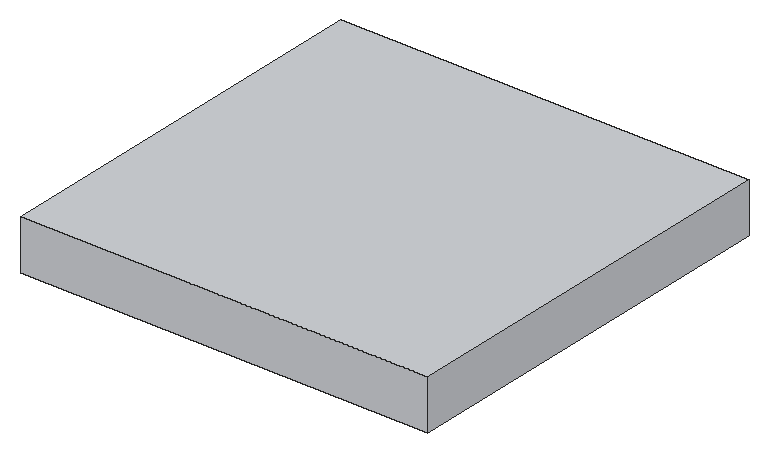
Revit family "TC - Base Wall Drop1", category Data Devices, host Face, Revit 2024
Family settings
  Host = Face
  Round Connector Dimension = Use Diameter
  Part Type = Normal
  OmniClass Number = 23.85.50.17.11
  OmniClass Title = Computer Network Equipment
  Cut with Voids When Loaded = No
  Maintain Annotation Orientation = Yes
  Shared = Yes
  Room Calculation Point = No
Parameters (values of type "AV - 1 Port")
  TC Tagging Order [instance] = ""
  TC Label Quadrant [instance] = 0
  TC Auto Orient Version = 1
  TC Auto Orient [instance] = yes
  Symbol On/Off [instance] = yes
  Shade Right [instance] = # of Ports > 1  # no
  Shade Left [instance] = 1 = 0  # no
  Mounting Type [instance] = "Wall"
  IDF Room [instance] = ""
  Floor [instance] = ""
  Elevation Tag - Rotate [instance] = no
  Elevation Tag [instance] = yes
  Data Elevation [instance] = ""
  Cable ID Tag - Right Rotate [instance] = TC Label Quadrant = 3  # no
  Cable ID Tag - Right [instance] = TC Label Quadrant = 2  # no
  Cable ID Tag [instance] = TC Label Quadrant = 0  # yes
  Cable ID Tag - Rotate [instance] = TC Label Quadrant = 1  # no
  # of Ports Tag - Rotate [instance] = TC Label Quadrant = 1  # no
  # of Ports Tag - Left Rotate [instance] = TC Label Quadrant = 3  # no
  # of Ports Tag - Left [instance] = TC Label Quadrant = 2  # no
  # of Ports Tag [instance] = TC Label Quadrant = 0  # yes
  Faceplate Width = 0' - 2 1/2"
  Faceplate Height = 0' - 4"
  Faceplate Depth = 0' - 0 3/16"
  Description = ""
  Default Elevation = 1' - 6"
  Cable ID Suffix = "AV"
  Backbox Width = 0' - 4"
  Backbox Height = 0' - 4"
  Backbox Depth = 0' - 2"
  Assembly Code = ""
  # of Ports = 1
Types (15): name | Shade Right | Mounting Type | Elevation Tag - Rotate | Elevation Tag | Default Elevation | Cable ID Suffix | # of Ports
  TD - 1 Port | no | "Wall" | no | yes | 1' - 6" | "TD" | 1
  TD - 2 Port | yes | "Wall" | yes | no | 1' - 6" | "TD" | 2
  TD - 4 Port | yes | "Wall" | no | yes | 1' - 6" | "TD" | 4
  RS - 1 Port | no | "Wall" | yes | no | 1' - 6" | "RS" | 1
  AV - 1 Port | no | "Wall" | no | yes | 1' - 6" | "AV" | 1
  AV - 2 Port | yes | "Wall" | no | yes | 1' - 6" | "AV" | 2
  AC - 1 Port | no | "Wall" | no | yes | 1' - 6" | "AC" | 1
  AC - 2 Port | yes | "Wall" | no | yes | 1' - 6" | "AC" | 2
  AV - 4 Port | yes | "Wall" | no | yes | 7' - 6" | "AV" | 4
  TD - 3 Port | yes | "Wall" | no | yes | 1' - 6" | "TD" | 3
  P - 2 Drop | yes | "Wall" | yes | no | 1' - 6" | "P" | 2
  CAM 2 | no | "" | no | yes | 1' - 6" | "CM" | 1
  O 2 | no | "" | no | yes | 1' - 6" | "O" | 0
  AV 2 | no | "" | no | yes | 1' - 6" | "AV" | 0
  AC 2 | yes | "" | no | yes | 1' - 6" | "AC" | 2
Reference planes (in)
  plane 1 "Center (Front/Back)": y = 0
  plane 2: z = 0
  plane 3 "Center (Left/Right)": x = 0
  plane 4 "Left Inside": x = -2
  plane 5 "Right Inside": x = 2
  plane 6 "Top Inside": y = 2
  plane 7 "Bottom Inside": y = -2
  plane 8 "Left Outside": x = -1.25
  plane 9 "Right Outside": x = 1.25
  plane 10 "Top Outside": y = 2
  plane 11 "Bottom Outside": y = -2
  plane 12 "Front": z = 0.1875
  plane 13 "Back": z = -2
Forms (in)
  Extrusion 1, solid
    sketch origin (0, 0, 0) x (1, 0, 0) y (0, 1, 0)
      loop
        line (-49.63881, 48) -> (-49.63881, -48) -> (48, -48) -> (48, 48) -> (-49.63881, 48)
    from 0 to -12
  Extrusion 2, solid, not visible, detail levels fine
    sketch origin (0, 0, 0) x (1, 0, 0) y (0, 1, 0)
      loop
        line (-2, 2) -> (-2, -2) -> (2, -2) -> (2, 2) -> (-2, 2)
    from -0.13408 to -2
  Extrusion 3, solid, not visible, detail levels fine
    sketch origin (0, 0, 0) x (1, 0, 0) y (0, 1, 0)
      loop
        line (-1.25, 2) -> (-1.25, -2) -> (1.25, -2) -> (1.25, 2) -> (-1.25, 2)
    from 0 to 0.1875
  Extrusion 4, solid, detail levels medium
    sketch origin (0, 0, 0) x (1, 0, 0) y (0, 1, 0)
      loop
        line (-1.25, 2) -> (-1.25, -2) -> (1.25, -2) -> (1.25, 2) -> (-1.25, 2)
    from -0.13408 to 0
Lines and regions (in)
  symbolic lines, detail levels fine
    curve 1: line (-1.25, 0, 0) -> (1.25, 0, 0)
    curve 2: line (-1.25, 0, 0.1875) -> (-1.25, 0, 0)
    curve 3: line (1.25, 0, 0.1875) -> (-1.25, 0, 0.1875)
    curve 4: line (1.25, 0, 0) -> (1.25, 0, 0.1875)
Dimensions and locks (in)
  equal spacing: plane 4 "Left Inside", plane 3 "Center (Left/Right)", plane 5 "Right Inside"
  "Backbox Width": plane 4 "Left Inside" to plane 5 "Right Inside"
  equal spacing: plane 6 "Top Inside", plane 1 "Center (Front/Back)", plane 7 "Bottom Inside"
  "Backbox Height": plane 6 "Top Inside" to plane 7 "Bottom Inside"
  equal spacing: plane 8 "Left Outside", plane 3 "Center (Left/Right)", plane 9 "Right Outside"
  "Faceplate Width": plane 8 "Left Outside" to plane 9 "Right Outside"
  equal spacing: plane 10 "Top Outside", plane 1 "Center (Front/Back)", plane 11 "Bottom Outside"
  "Faceplate Height": plane 10 "Top Outside" to plane 11 "Bottom Outside"
  "Faceplate Depth": plane 12 "Front" to plane 2
  "Backbox Depth": plane 2 to plane 13 "Back"
  aligned and locked: plane 2 to Extrusion 1
  aligned and locked: level to Extrusion 1
  aligned and locked: plane 4 "Left Inside" to Extrusion 2 sketch curve
  aligned and locked: Extrusion 2 sketch curve to plane 6 "Top Inside"
  aligned and locked: plane 7 "Bottom Inside" to Extrusion 2 sketch curve
  aligned and locked: Extrusion 2 sketch curve to plane 5 "Right Inside"
  aligned and locked: Extrusion 2 to plane 13 "Back"
  aligned and locked: plane 8 "Left Outside" to Extrusion 3 sketch curve
  aligned and locked: Extrusion 3 sketch curve to plane 10 "Top Outside"
  aligned and locked: plane 11 "Bottom Outside" to Extrusion 3 sketch curve
  aligned and locked: Extrusion 3 sketch curve to plane 9 "Right Outside"
  aligned and locked: plane 12 "Front" to Extrusion 3
  aligned and locked: plane 8 "Left Outside" to curve 2
  aligned and locked: curve 4 to plane 9 "Right Outside"
  aligned and locked: plane 12 "Front" to curve 3
  aligned and locked: curve 1 to level
  aligned and locked: plane 8 "Left Outside" to curve 1
  aligned and locked: Extrusion 4 to plane 8 "Left Outside"
  aligned and locked: plane 6 "Top Inside" to Extrusion 4
  aligned and locked: Extrusion 2 to Extrusion 4
Automatic sketch dimensions
  Extrusion 1 sketch curve to Extrusion 1 sketch curve = 8' - 1.63881"
  Extrusion 1 sketch curve to Extrusion 1 sketch curve = 8' - 0"
  Extrusion 4 sketch curve to plane 8 "Left Outside" = 0' - 0"
  Extrusion 4 sketch curve to plane 9 "Right Outside" = 0' - 0"
  Extrusion 4 sketch curve to plane 7 "Bottom Inside" = 0' - 0"
  Extrusion 4 sketch curve to plane 6 "Top Inside" = 0' - 0"
Nested families (in)
  nested 1: "TC_WALL DROP SYMBOL" at (0, 0, 0), Cable ID Suffix <- "Cable ID Suffix", # of Ports <- "# of Ports", Elevation Tag <- "Elevation Tag", Elevation Tag - Rotate <- "Elevation Tag - Rotate", # of Ports Tag <- "# of Ports Tag", Cable ID Tag <- "Cable ID Tag", Cable ID Tag - Rotate <- "Cable ID Tag - Rotate", visible <- "Symbol On/Off", Shade Left <- "Shade Left", Shade Right <- "Shade Right", # of Ports Tag - Left <- "# of Ports Tag - Left", # of Ports Tag - Left Rotate <- "# of Ports Tag - Left Rotate", Cable ID Tag - Right <- "Cable ID Tag - Right", Cable ID Tag - Right Rotate <- "Cable ID Tag - Right Rotate", # of Ports Tag - Rotate <- "# of Ports Tag - Rotate", Data Elevation <- "Data Elevation", type "TC_WALL DROP SYMBOL"
    with Shade Right no, Shade Left no, Elevation Tag - Rotate no, Elevation Tag yes, Data Elevation "", Cable ID Tag - Rotate no, Cable ID Tag - Right Rotate no, Cable ID Tag - Right no, Cable ID Tag yes, Cable ID Suffix "AV", # of Ports Tag - Rotate no, # of Ports Tag - Left Rotate no, # of Ports Tag - Left no, # of Ports Tag yes, # of Ports 1
Connectors (in)
  electrical at (0, 2, -1.06704)
    settings: on Extrusion 2, index 1, voltage 0 V, apparent load 0 VA, apparent load phase1 0 VA, apparent load phase2 0 VA, apparent load phase3 0 VA, power factor 0, load classification "Other", number of poles 1, system type 5, power factor state 1, is connector primary yes, connector utility no, sub classification motor no, connector description ""
Definition of nested family "TC_WALL DROP SYMBOL"
  Parameters (values of type "TC_WALL DROP SYMBOL")
    Shade Right [instance] = yes
    Shade Left [instance] = no
    Elevation Tag - Rotate [instance] = no
    Elevation Tag [instance] = no
    Data Elevation [instance] = ""
    Cable ID Tag - Rotate [instance] = no
    Cable ID Tag - Right Rotate [instance] = no
    Cable ID Tag - Right [instance] = no
    Cable ID Tag [instance] = yes
    Cable ID Suffix [instance] = ""
    # of Ports Tag - Rotate [instance] = no
    # of Ports Tag - Left Rotate [instance] = no
    # of Ports Tag - Left [instance] = no
    # of Ports Tag [instance] = yes
    # of Ports [instance] = 0
  Reference planes (in)
    plane 1: y = 0
    plane 2: x = 0
  Lines and regions (in)
    Filled region 1, type "Solid Black", visible <- "Shade Right"
      outline origin (0, 0, 0) x (1, 0, 0) y (0, 1, 0)
        loop
          line (0, 0) -> (0.07679, 0.133) -> (0, 0.133) -> (0, 0)
    Filled region 2, type "Solid Black", visible <- "Shade Left"
      outline origin (0, 0, 0) x (1, 0, 0) y (0, 1, 0)
        loop
          line (0, 0) -> (0, 0.133) -> (-0.07679, 0.133) -> (0, 0)
    detail lines
      curve 1: line (-0.07679, 0.133, 0) -> (0.07679, 0.133, 0)
      curve 2: line (0.07679, 0.133, 0) -> (0, 0, 0)
      curve 3: line (-0.07679, 0.133, 0) -> (0, 0, 0)
      curve 4: line (-0.06693, 0, 0) -> (0.06693, 0, 0)
  Text (in)
    label "#" at (0.06898, 0.2146, 0), shows "# of Ports", visible <- "# of Ports Tag"
    label "ID" at (-0.08209, 0.2146, 0), shows "Cable ID Suffix", visible <- "Cable ID Tag"
    label "#" at (0.1093, 0.19382, 0), shows "# of Ports", visible <- "# of Ports Tag - Rotate"
    label "ID" at (-0.08666, 0.22124, 0), shows "Cable ID Suffix", visible <- "Cable ID Tag - Rotate"
    label "Data Elevation" at (0.17412, -0.12459, 0), shows "Data Elevation", visible <- "Elevation Tag - Rotate"
    label "Data Elevation" at (0.083, -0.04006, 0), shows "Data Elevation", visible <- "Elevation Tag"
    label "ID" at (0.11322, 0.2146, 0), shows "Cable ID Suffix", visible <- "Cable ID Tag - Right"
    label "ID" at (0.10866, 0.22124, 0), shows "Cable ID Suffix", visible <- "Cable ID Tag - Right Rotate"
    label "#" at (-0.1204, 0.2146, 0), shows "# of Ports", visible <- "# of Ports Tag - Left"
    label "#" at (-0.08009, 0.19382, 0), shows "# of Ports", visible <- "# of Ports Tag - Left Rotate"
